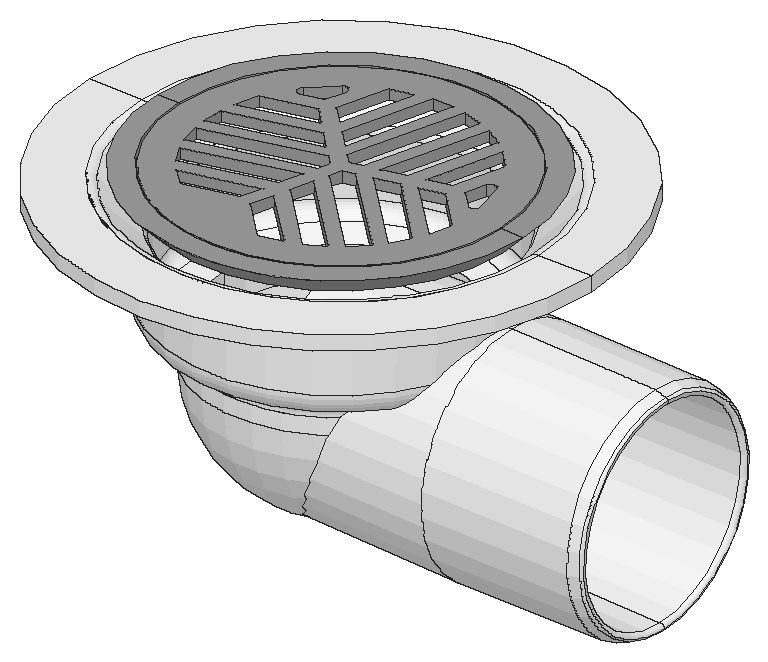
Revit family "3100.184.1 Down Pipe Junction SE80bf", category Plumbing Fixtures, Revit 2020
Family settings
  Round Connector Dimension = Use Diameter
  Part Type = Normal
  OmniClass Number = 23.13.41.39
  Work Plane-Based = No
  Always vertical = Yes
  Cut with Voids When Loaded = No
  Shared = No
  Room Calculation Point = No
Parameters (values of type "3100.184 100x80")
  Waste Connection = yes
  Vented = yes
  Vent Connection = no
  URL = "www.aquaknight.co.nz"
  Phone = "+6498322214"  # constant formula
  Not Vented = not(Vented)  # no
  Model = "3100.184"
  Manufacturer = "Aquanight Industries Ltd"  # constant formula
  HW Connection = no
  Email = "info@aquaknight.co.nz"  # constant formula
  Description = "Deck Drain Side Exit 80mm Inlet w 80mm Outlet Small Flange"
  Default Elevation = 0 mm
  CW Connection = no
Reference planes
  plane 1 "Center (Front/Back)": y = 0
  plane 2: z = 0
  plane 3 "Center (Left/Right)": x = 0
  plane 4: through (112.246, -1524, -64.937) normal (-0.0175, 0, -0.9998)
  plane 5: through (77.362, -1524, -64.328) normal (-0.9998, 0, 0.0175)
Forms (mm)
  Revolve 1, solid, material "Plastic, Glossy White"
    sketch origin (0, 0, -4) x (1, 0, 0) y (0, 0, 1)
      loop
        arc (-47.965, -36.437) -> (-50.899, -34.761) -> (-52.096, -31.601) r 5
        line (-52.096, -31.601) -> (-52.437, -12.04)
        arc (-52.437, -12.04) -> (-52.755, -10.547) -> (-53.608, -9.282) r 4
        line (-53.608, -9.282) -> (-65.718, 2.828)
        arc (-65.718, 2.828) -> (-67.016, 3.696) -> (-68.547, 4) r 4
        line (-68.547, 4) -> (-86.49, 4) -> (-86.49, -1) -> (-70.618, -1)
        arc (-70.618, -1) -> (-69.087, -1.304) -> (-67.789, -2.172) r 4
        line (-67.789, -2.172) -> (-58.063, -11.898)
        arc (-58.063, -11.898) -> (-57.209, -13.164) -> (-56.892, -14.657) r 4
        line (-56.892, -14.657) -> (-56.596, -31.582)
        arc (-56.596, -31.582) -> (-54.298, -37.433) -> (-48.731, -40.353) r 9
        arc (-48.731, -40.353) -> (-45.64, -41.992) -> (-44.364, -45.242) r 5
        line (-44.364, -45.242) -> (-44.264, -50.933)
        arc (-44.264, -50.933) -> (-31.118, -82.285) -> (0, -95.977) r 45.872
        line (0, -95.977) -> (0, -91.032)
        arc (0, -91.032) -> (-28.316, -78.573) -> (-40.279, -50.043) r 41.742
        line (-40.279, -50.043) -> (-40.279, -39.235) -> (-47.965, -36.437)
      axis (0, 4) -> (0, -95.977)
    angle from 0 to 360
  Revolve 2, solid, material "Stainless Steel", visible <- "Vented"
    sketch origin (0, 0, 0) x (1, 0, 0) y (0, 0, 1)
      loop
        line (-55.55, 3.5) -> (-63.036, 3.5) -> (-56.036, -3.5) -> (-51.55, -3.5) -> (-51.55, -0.5) -> (-55.55, -0.5) -> (-55.55, 3.5)
      axis (0, 3.5) -> (0, -3.5)
    angle from 0 to 360
  Extrusion 3, solid, material "Stainless Steel"
    sketch origin (0, 0, 0) x (1, 0, 0) y (0, 1, 0)
      loop
        line (30.275, 10.598) -> (34.834, 27.616)
        arc (34.834, 27.616) -> (32.141, 30.708) -> (29.175, 33.539) r 44.446
        line (29.175, 33.539) -> (22.467, 8.506) -> (30.275, 10.598)
      loop
        line (17.448, 7.161) -> (25.319, 36.537)
        arc (25.319, 36.537) -> (22.256, 38.48) -> (19.045, 40.166) r 44.452
        line (19.045, 40.166) -> (9.641, 5.069) -> (17.448, 7.161)
      loop
        line (-20.918, 24.322) -> (-15.202, 18.607) -> (-8.497, 43.633)
        arc (-8.497, 43.633) -> (-12.481, 42.664) -> (-16.36, 41.332) r 44.452
        line (-16.36, 41.332) -> (-20.918, 24.322)
      loop
        line (-11.528, 14.932) -> (-5.813, 9.217) -> (3.59, 44.307)
        arc (3.59, 44.307) -> (-0.034, 44.452) -> (-3.659, 44.301) r 44.452
        line (-3.659, 44.301) -> (-11.528, 14.932)
      loop
        line (4.907, 3.801) -> (15.092, 41.812)
        arc (15.092, 41.812) -> (11.511, 42.936) -> (7.848, 43.754) r 44.452
        line (7.848, 43.754) -> (-2.338, 5.742) -> (0.724, 2.68) -> (4.907, 3.801)
      loop
        arc (40.324, 4.302) -> (42.66, 3.941) -> (43.708, 6.06) r 2
        arc (43.708, 6.06) -> (42.557, 11.278) -> (40.945, 16.373) r 60
        arc (40.945, 16.373) -> (38.978, 17.684) -> (37.135, 16.203) r 2
        line (37.135, 16.203) -> (35.294, 9.332) -> (40.324, 4.302)
      loop
        line (-32.759, 23.885) -> (-25.888, 25.726) -> (-24.047, 32.597)
        arc (-24.047, 32.597) -> (-24.903, 34.8) -> (-27.261, 34.649) r 2
        arc (-27.261, 34.649) -> (-31.205, 31.042) -> (-34.811, 27.099) r 60
        arc (-34.811, 27.099) -> (-34.963, 24.74) -> (-32.759, 23.885) r 2
      loop
        line (-5.959, -31.518) -> (6.499, -43.975)
        arc (6.499, -43.975) -> (10.523, -43.189) -> (14.458, -42.036) r 44.446
        line (14.458, -42.036) -> (-3.867, -23.71) -> (-5.959, -31.518)
      loop
        line (-2.522, -18.691) -> (18.982, -40.196)
        arc (18.982, -40.196) -> (22.196, -38.514) -> (25.262, -36.576) r 44.452
        line (25.262, -36.576) -> (-0.43, -10.884) -> (-2.522, -18.691)
      loop
        line (31.522, 5.954) -> (23.715, 3.862) -> (42.035, -14.458)
        arc (42.035, -14.458) -> (43.189, -10.523) -> (43.975, -6.498) r 44.452
        line (43.975, -6.498) -> (31.522, 5.954)
      loop
        line (18.696, 2.517) -> (10.888, 0.425) -> (36.576, -25.262)
        arc (36.576, -25.262) -> (38.514, -22.196) -> (40.196, -18.982) r 44.452
        line (40.196, -18.982) -> (18.696, 2.517)
      loop
        line (0.838, -6.15) -> (28.664, -33.976)
        arc (28.664, -33.976) -> (31.428, -31.437) -> (33.968, -28.673) r 44.452
        line (33.968, -28.673) -> (6.141, -0.847) -> (1.959, -1.967) -> (0.838, -6.15)
      loop
        line (-10.587, -30.278) -> (-8.495, -22.47) -> (-33.528, -29.178)
        arc (-33.528, -29.178) -> (-30.697, -32.144) -> (-27.604, -34.838) r 44.446
        line (-27.604, -34.838) -> (-10.587, -30.278)
      loop
        line (-7.15, -17.451) -> (-5.058, -9.644) -> (-40.155, -19.048)
        arc (-40.155, -19.048) -> (-38.468, -22.259) -> (-36.525, -25.322) r 44.452
        line (-36.525, -25.322) -> (-7.15, -17.451)
      loop
        line (-24.311, 20.915) -> (-41.321, 16.357)
        arc (-41.321, 16.357) -> (-42.653, 12.478) -> (-43.621, 8.493) r 44.452
        line (-43.621, 8.493) -> (-18.595, 15.199) -> (-24.311, 20.915)
      loop
        line (-14.921, 11.525) -> (-44.29, 3.656)
        arc (-44.29, 3.656) -> (-44.441, 0.031) -> (-44.296, -3.593) r 44.452
        line (-44.296, -3.593) -> (-9.205, 5.809) -> (-14.921, 11.525)
      loop
        line (-3.789, -4.91) -> (-2.669, -0.727) -> (-5.731, 2.335) -> (-43.743, -7.851)
        arc (-43.743, -7.851) -> (-42.925, -11.514) -> (-41.8, -15.095) r 44.452
        line (-41.8, -15.095) -> (-3.789, -4.91)
      loop
        circle (0, 0) r 55
    from 0 to 3.5
  Revolve 4, solid, material "Plastic, Glossy White"
    sketch origin (0, 0, 0) x (1, 0, 0) y (0, 0, 1)
      loop
        line (0, -99.977) -> (57.594, -101.988) -> (107.363, -102.396) -> (110.736, -101.235)
        arc (110.736, -101.235) -> (111.269, -100.914) -> (111.627, -100.405) r 1.5
        arc (111.627, -100.405) -> (111.215, -99.346) -> (110.18, -98.879) r 1.5
        line (110.18, -98.879) -> (0, -95.032) -> (0, -99.977)
      axis (0.559, -62.987) -> (112.246, -64.937)
    angle from 0 to 360
Lines and regions (mm)
  Masking region 1
    outline origin (0, 0, 0) x (1, 0, 0) y (0, 1, 0)
      loop
        circle (0, 0) r 86.49
  symbolic lines, style "PlumbingFixtures", detail levels fine
    curve 1: circle (-56.464, 56.7, 0) r 4 normal (0, 0, 1)
    curve 5: circle (56.464, 56.7, 0) r 4 normal (0, 0, -1)
    curve 6: circle (-56.464, -56.7, 0) r 4 normal (0, 0, -1)
    curve 7: circle (56.464, -56.7, 0) r 4 normal (0, 0, 1)
  symbolic lines, detail levels medium+fine
    curve 2: circle (0, 0, 0) r 63.036 normal (0, 0, 1)
    curve 11: circle (0, 0, 0) r 55 normal (0, 0, 1)
  model lines, style "PlumbingFixtures", detail levels fine
    curve 3: circle (-56.464, 56.7, 0) r 4.5 normal (0, 0, 1)
    curve 4: circle (-56.357, -56.637, 0) r 4 normal (0, 0, -1)
    curve 8: circle (56.357, -56.637, 0) r 4 normal (0, 0, 1)
    curve 9: circle (56.357, 56.637, 0) r 4 normal (0, 0, -1)
    curve 10: circle (-56.357, 56.637, 0) r 4 normal (0, 0, 1)
Dimensions and locks
  locked: connector elem to plane 1 "Center (Front/Back)"
  aligned and locked: level to plane 2
  aligned and locked: Revolve 1 sketch curve to plane 3 "Center (Left/Right)"
  aligned and locked: Revolve 1 sketch curve to Revolve 1 sketch curve
  aligned and locked: Revolve 4 sketch curve to plane 3 "Center (Left/Right)"
Connectors
  piping at (77.362, 0, -64.328), diameter 80
    settings: on plane 5, index 1, connector inside diameter 609.6 mm, connector length 0 mm, flow factor 0, pipe flow 0.0 L/s, pressure drop 0.0 Pa, fitting loss kfactor 0, connector angle 0.00°, fixture units 0, engagement length 0 mm, angle of deflection 0.00°, flow configuration 0, flow direction 0, fitting loss method 0, system type 28, joint type 0, gender type 0, connector reference index -1, connector utility 0, adjustable connector no, is connector primary yes, connector description ""
